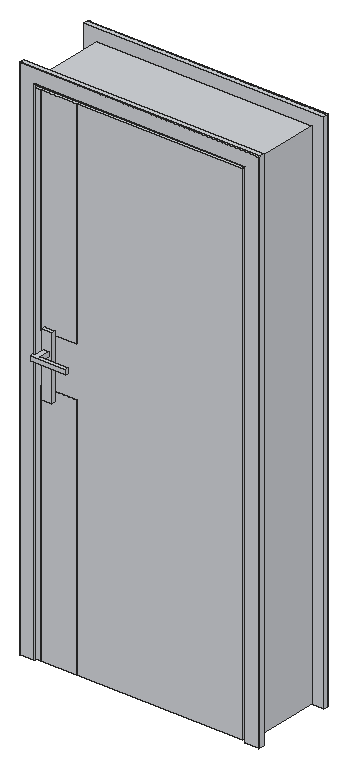
Revit family "NaturaIMPRESSbp_3", category Drzwi, Revit 2016
Family settings
  Obiekt nadrzędny = Ściana
  Zawsze pionowo = Tak
  Tnij formami wycięć po wczytaniu = Nie
  Współdzielony = Nie
  Punkt obliczania pomieszczeń = Nie
Parameters (values of type "PN 80")
  Zakres szerokości muru [instance] = if(and(Szerokość ściany > 94 mm, Szerokość ściany < 120 mm), "B", (if(and(Szerokość ściany > 119 mm, Szerokość ściany < 140 mm), "C", (if(and(Szerokość ściany > 139 mm, Szerokość ściany < 160 mm), "D", (if(and(Szerokość ściany > 159 mm, Szerokość ściany < 180 mm), "E", (if(and(Szerokość ściany > 179 mm, Szerokość ściany < 200 mm), "F", (if(and(Szerokość ściany > 199 mm, Szerokość ściany < 220 mm), "G", (if(and(Szerokość ściany > 219 mm, Szerokość ściany < 240 mm), "H", (if(and(Szerokość ściany > 239 mm, Szerokość ściany < 260 mm), "I", (if(and(Szerokość ściany > 259 mm, Szerokość ściany < 280 mm), "J", (if(and(Szerokość ściany > 279 mm, Szerokość ściany < 301 mm), "K", "BRAK")))))))))))))))))))  # "K"
  Wysokość brutto = 2060 mm
  Szerokość ściany [instance] = 300 mm
  Szerokość brutto = 880 mm
  Model = "Natura IMPRESS 3"
  Materiał_relief = none
  Konstrukcja analityczna = "<Brak>"
  Funkcja = Wewnętrzna
  URL = "www.porta.com.pl"
  Ss = 818 mm
  Sb = 846 mm
  Producent = "PORTA KMI POLAND"  # constant formula
  Keynote = ""
  Opis = "Własność Porta KMI Poland, wszelkie prawa zastrzeżone."  # constant formula
  Wysokość = 2016 mm
  Zakończenie ściany = Wg obiektu nadrzędnego
  Szerokość = 800 mm
  Materiał_skrzydło [instance] = none
  Materiał_ościeżnica [instance] = none
  Materiał_klamka [instance] = none
  Hs = 2017 mm
Types (5, lengths in mm): name | Szerokość brutto | Ss | Sb | Szerokość
  PN 70 | 780 | 718 | 746 | 700
  PN 60 | 680 | 618 | 646 | 600
  PN 80 | 880 | 818 | 846 | 800
  PN 90 | 980 | 918 | 946 | 900
  PN 100 | 1080 | 1018 | 1046 | 1000
Reference planes
  plane 1: y = 0
  plane 2 "Środek (Lewa/Prawa)": x = 0
  plane 3 "Lewy": x = -440
  plane 4 "Prawy": x = 440
  plane 5: z = 2060
  plane 6 "Zewnętrzna": y = 150
  plane 7 "Wewnętrzna": y = -150
  plane 8 "skrzydło": y = -129
  plane 9: x = -409
  plane 10: x = 409
Forms (mm)
  Sweep 1, solid, material <- "Materiał_ościeżnica"
    path in 3D
      loop
        line (-440, -150, 0) -> (-440, -150, 2060) -> (440, -150, 2060) -> (440, -150, 0)
    profile origin (-440, -150, 1030) x (0, -1, 0) y (1, 0, 0)
      loop
        line (-24, 39) -> (-72, 39) -> (-72, 17) -> (0, 17) -> (0, -33) -> (16, -33)
        arc (16, -33) -> (18.121, -32.121) -> (19, -30) r 3
        line (19, -30) -> (19, 24)
        arc (19, 24) -> (18.121, 26.121) -> (16, 27) r 3
        line (16, 27) -> (-24, 27) -> (-24, 39)
  Sweep 2, solid, material <- "Materiał_ościeżnica"
    path in 3D
      loop
        line (440, 150, 0) -> (440, 150, 2060) -> (-440, 150, 2060) -> (-440, 150, 0)
    profile origin (-440, 150, 1030) x (1, 0, 0) y (0, 1, 0)
      loop
        line (-33, 0) -> (17, 0) -> (17, -228) -> (39, -228) -> (39, -1)
        arc (39, -1) -> (37.536, 2.536) -> (34, 4) r 5
        line (34, 4) -> (25, 4) -> (25, 16)
        arc (25, 16) -> (24.121, 18.121) -> (22, 19) r 3
        line (22, 19) -> (-30, 19)
        arc (-30, 19) -> (-32.121, 18.121) -> (-33, 16) r 3
        line (-33, 16) -> (-33, 0)
  Sweep 3, solid, not visible
    path in 3D
      loop
        line (-440, -150, 0) -> (-440, -150, 2060)
    profile origin (-440, -150, 1030) x (0, -1, 0) y (1, 0, 0)
      loop
        line (-151, 17) -> (-149, 17) -> (-149, 19) -> (-151, 19) -> (-151, 17)
Cuts and joins
  joined: Sweep 1, Sweep 2
Lines and regions (mm)
  Opening 1
    outline origin (-3050, -150, 0) x (1, 0, 0) y (0, 0, 1)
      loop
        line (2610, 0) -> (3490, 0) -> (3490, 2060) -> (2610, 2060) -> (2610, 0)
  sketch lines
    curve 1: line (-440, -150, 0) -> (-440, -150, 2060)
    curve 2: line (-440, -150, 2060) -> (440, -150, 2060)
    curve 3: line (440, -150, 2060) -> (440, -150, 0)
    curve 4: line (-440, 150, 2060) -> (-440, 150, 0)
    curve 5: line (440, 150, 2060) -> (-440, 150, 2060)
    curve 6: line (440, 150, 0) -> (440, 150, 2060)
    curve 12: line (-440, -150, 0) -> (-440, -150, 2060)
  symbolic lines, style "DoorsPanelProjection"
    curve 7: line (409, -150, 0) -> (409, -968, 0)
    curve 8: line (409, -968, 0) -> (369, -968, 0)
    curve 9: line (369, -968, 0) -> (369, -150, 0)
    curve 10: line (369, -150, 0) -> (409, -150, 0)
  symbolic lines, style "Ugięcie rzutu"
    curve 11: arc (-409, -150, 0) -> (-169.413, -728.413, 0) -> (409, -968, 0) r 818
Text (mm)
  text "Zewnętrzna" at (-2295.016, 1099.543, 0), in view "Poziom odniesienia"
  text "Zewnętrzna" at (0, 1615.38, 3698.081), in view "Lewy"
  text "Zewnętrzna" at (0, 1036.032, 3874.932), in view "Prawy"
Dimensions and locks
  equal spacing: plane 3 "Lewy", plane 2 "Środek (Lewa/Prawa)", plane 4 "Prawy"
  "Szerokość brutto": plane 3 "Lewy" to plane 4 "Prawy"
  "Wysokość brutto": plane 5 to host wall
  host wall to plane 5 = 2060 mm  (x2)
  locked: plane 6 "Zewnętrzna" to host wall at 0
  locked: plane 7 "Wewnętrzna" to host wall
  "Sb": Sweep 1 to Sweep 1
  locked: Sweep 1 sketch curve to Sweep 1 sketch curve at 22
  Sweep 1 sketch curve to Sweep 1 sketch curve = 50 mm
  locked: Sweep 1 sketch curve to profile plane at 72
  locked: Sweep 2 sketch curve to Sweep 2 sketch curve at 50
  locked: Sweep 2 sketch curve to Sweep 2 sketch curve at 22
  locked: Sweep 2 sketch curve to plane 6 "Zewnętrzna" at 1
  locked: curve 9 to curve 7 at 40
  "Ss": curve 8 to curve 10
  equal spacing: curve 11, plane 2 "Środek (Lewa/Prawa)", curve 7
  locked: plane 7 "Wewnętrzna" to plane 8 "skrzydło" at 21
  locked: host wall to Sweep 3 sketch curve at 1
  locked: Sweep 3 sketch curve to host wall at 1
  locked: Sweep 3 sketch curve to plane 6 "Zewnętrzna" at 151
  locked: plane 7 "Wewnętrzna" to Sweep 3 sketch curve at 151
  nested 1 to plane 2 "Środek (Lewa/Prawa)" to nested 1 = 409 mm, 409 mm
  locked: nested 1 to level at 8
  "Szerokość ściany": host wall to host wall
  equal spacing: plane 9, plane 2 "Środek (Lewa/Prawa)", plane 10
  "Ss": plane 9 to plane 10
  aligned and locked: plane 3 "Lewy" to Opening 1 sketch curve
  aligned and locked: plane 5 to Opening 1 sketch curve  (x2)
  aligned and locked: Opening 1 sketch curve to plane 4 "Prawy"
  aligned and locked: Opening 1 sketch curve to level
  aligned and locked: plane 1 to host wall
  aligned and locked: Sweep 1 to Sweep 2 sketch curve
  aligned and locked: plane 7 "Wewnętrzna" to curve 10
  aligned and locked: Sweep 3 sketch curve to cut or joined group of Sweep 1, Sweep 2
  aligned and locked: Sweep 2 sketch curve to cut or joined group of Sweep 1, Sweep 2
  aligned and locked: nested 1 to plane 8 "skrzydło"
  aligned and locked: nested 1 to plane 9
Automatic sketch dimensions
  profile plane to Sweep 1 sketch curve = 24 mm
  Sweep 1 sketch curve to profile plane = 16 mm  (x2)
  Sweep 1 sketch curve to Sweep 1 sketch curve = 3 mm
  profile plane to Sweep 1 sketch curve = 17 mm
  Sweep 1 sketch curve to Sweep 1 sketch curve = 7 mm
  Sweep 1 sketch curve to profile plane = 0 mm
  Sweep 2 sketch curve to profile plane = 0 mm
  Sweep 2 sketch curve to profile plane = 16 mm
  Sweep 2 sketch curve to Sweep 2 sketch curve = 3 mm
  Sweep 2 sketch curve to Sweep 2 sketch curve = 5 mm
  Sweep 2 sketch curve to profile plane = 4 mm
  Sweep 2 sketch curve to Sweep 2 sketch curve = 8 mm
  curve 11 to host wall = 0 mm
  Sweep 3 sketch curve to Sweep 3 sketch curve = 2 mm
Nested families
  nested 1: "skrzydło" at (0, -135.5, 0), type "skrzydło"
Definition of nested family "skrzydło"
  Parameters
    Ss = 818 mm
    Materiał_skrzydło = none
    Materiał_klamka = none
    Materiał relief = none
    Hs = 2017 mm
  Reference planes
    plane 1 "Tył": y = 6.5
    plane 2: z = 0
    plane 3 "Środek (Lewa/Prawa)": x = 0
    plane 4 "Przód": y = -33.5
    plane 5: z = 2025
    plane 6 "Centrum": y = -13.5
    plane 7: z = 8
    plane 8: x = -409
    plane 9: x = 409
    plane 10: x = -389
    plane 11: x = -249
    plane 12: z = 1176.5
    plane 13: z = 980
  Forms (mm)
    Extrusion 1, solid, material <- "Materiał_skrzydło"
      sketch origin (-892.016, -13.5, 1200) x (-1, 0, 0) y (0, 0, 1)
        loop
          line (-1301.016, -1192) -> (-643.016, -1192) -> (-643.016, -220) -> (-503.016, -220) -> (-503.016, -1192) -> (-483.016, -1192) -> (-483.016, 825) -> (-503.016, 825) -> (-503.016, -23.5) -> (-643.016, -23.5) -> (-643.016, 825) -> (-1301.016, 825) -> (-1301.016, -1192)
      from 20 to -20
    Extrusion 2, solid, material <- "Materiał relief"
      sketch origin (0, 6.5, 0) x (1, 0, 0) y (0, 0, 1)
        loop
          line (-389, 2025) -> (-389, 1176.5) -> (-249, 1176.5) -> (-249, 2025) -> (-389, 2025)
      from 0 to 40
    Extrusion 3, solid, material <- "Materiał relief"
      sketch origin (0, 6.5, 0) x (1, 0, 0) y (0, 0, 1)
        loop
          line (-389, 980) -> (-389, 8) -> (-249, 8) -> (-249, 980) -> (-389, 980)
      from 0 to 40
  Dimensions and locks
    locked: plane 7 to level at 8
    "Hs": plane 5 to plane 7
    locked: nested 1 to plane 7 at 934
    locked: plane 7 to nested 2 at 934
    equal spacing: plane 4 "Przód", plane 6 "Centrum", plane 1 "Tył"
    "Ss": plane 8 to plane 9
    locked: plane 8 to nested 1 at 55
    locked: plane 8 to nested 2 at 55
    equal spacing: plane 8, plane 3 "Środek (Lewa/Prawa)", plane 9
    locked: plane 8 to plane 10 at 20
    locked: plane 8 to plane 11 at 160
    locked: plane 5 to plane 12 at 848.5
    aligned and locked: nested 1 to plane 4 "Przód"
    aligned and locked: nested 2 to nested 1
    aligned and locked: Extrusion 1 sketch curve to plane 9
    aligned and locked: Extrusion 1 to plane 4 "Przód"
    aligned and locked: Extrusion 1 to plane 1 "Tył"
    aligned and locked: Extrusion 2 to plane 4 "Przód"
    aligned and locked: Extrusion 1 sketch curve to plane 11
    aligned and locked: plane 12 to Extrusion 1 sketch curve
    aligned and locked: Extrusion 2 sketch curve to plane 10
    aligned and locked: Extrusion 2 sketch curve to plane 5
    aligned and locked: Extrusion 2 sketch curve to plane 12
    aligned and locked: plane 11 to Extrusion 3 sketch curve
    aligned and locked: Extrusion 3 sketch curve to plane 7
    aligned and locked: plane 8 to Extrusion 1 sketch curve
    aligned and locked: plane 10 to Extrusion 1 sketch curve  (x2)
    aligned and locked: plane 5 to Extrusion 1 sketch curve
    aligned and locked: plane 7 to Extrusion 1 sketch curve
    aligned and locked: plane 13 to Extrusion 1 sketch curve
    aligned and locked: plane 11 to Extrusion 1 sketch curve
    aligned and locked: plane 11 to Extrusion 2 sketch curve
    aligned and locked: Extrusion 3 sketch curve to plane 10
    aligned and locked: Extrusion 3 sketch curve to plane 13
  Automatic sketch dimensions
    Extrusion 1 sketch curve to plane 7 = 0 mm
    Extrusion 1 sketch curve to plane 5 = 0 mm
  Nested families
    nested 1: "KLAMKA" at (-354, -33.5, 1067), Materiał klamki <- "Materiał_klamka", type "KLAMKA"
      with Materiał klamki none
    nested 2: "KLAMKA" at (-354, 6.5, 1067), Materiał klamki <- "Materiał_klamka", type "KLAMKA"
      with Materiał klamki none
  Definition of nested family "KLAMKA"
    Parameters
      Materiał klamki [instance] = none
      Assembly Code = ""
      Default Elevation = 1219.2 mm
    Reference planes
      plane 1 "Center (Front/Back)": y = 0
      plane 2: z = 0
      plane 3 "Center (Left/Right)": x = 0
      plane 4: z = 125
      plane 5: z = -125
      plane 6: x = 20
      plane 7: x = -20
      plane 8: y = -70
      plane 9: y = -60
      plane 10: x = 10
      plane 11: x = -10
      plane 12: x = 120
      plane 13: z = 35
      plane 14: z = 55
      plane 15: y = -15
    Forms (mm)
      Extrusion 1, solid, material <- "Materiał klamki"
        sketch origin (0, 0, 0) x (1, 0, 0) y (0, 0, 1)
          loop
            line (-20, 125) -> (-20, -125) -> (20, -125) -> (20, 125) -> (-20, 125)
        from 0 to 15
      Extrusion 2, solid, material <- "Materiał klamki"
        sketch origin (0, 0, 0) x (1, 0, 0) y (0, 1, 0)
          loop
            line (-10, -15) -> (-10, -60) -> (-20, -60) -> (-20, -70) -> (120, -70) -> (120, -60) -> (10, -60) -> (10, -15) -> (-10, -15)
        from 35 to 55
    Dimensions and locks
      equal spacing: plane 4, plane 2, plane 5
      plane 4 to plane 5 = 250 mm
      equal spacing: plane 7, plane 3 "Center (Left/Right)", plane 6
      plane 7 to plane 6 = 40 mm
      plane 8 to plane 1 "Center (Front/Back)" = 70 mm
      plane 11 to plane 3 "Center (Left/Right)" to plane 10 = 10 mm locked, 10 mm locked
      plane 7 to plane 12 = 140 mm
      plane 15 to plane 1 "Center (Front/Back)" = 15 mm
      aligned and locked: plane 7 to Extrusion 1 sketch curve
      aligned and locked: Extrusion 1 sketch curve to plane 4
      aligned and locked: plane 5 to Extrusion 1 sketch curve
      aligned and locked: Extrusion 1 sketch curve to plane 6
      aligned and locked: plane 15 to Extrusion 1
      aligned and locked: Extrusion 1 to plane 1 "Center (Front/Back)"
      aligned and locked: plane 14 to Extrusion 2
      aligned and locked: Extrusion 2 to plane 13
    Automatic sketch dimensions
      Extrusion 2 sketch curve to plane 7 = 0 mm
      Extrusion 2 sketch curve to plane 9 = 0 mm  (x2)
      Extrusion 2 sketch curve to plane 11 = 0 mm
      Extrusion 2 sketch curve to plane 10 = 0 mm
      Extrusion 2 sketch curve to plane 12 = 0 mm
      Extrusion 2 sketch curve to plane 8 = 0 mm
      Extrusion 2 sketch curve to plane 15 = 0 mm
